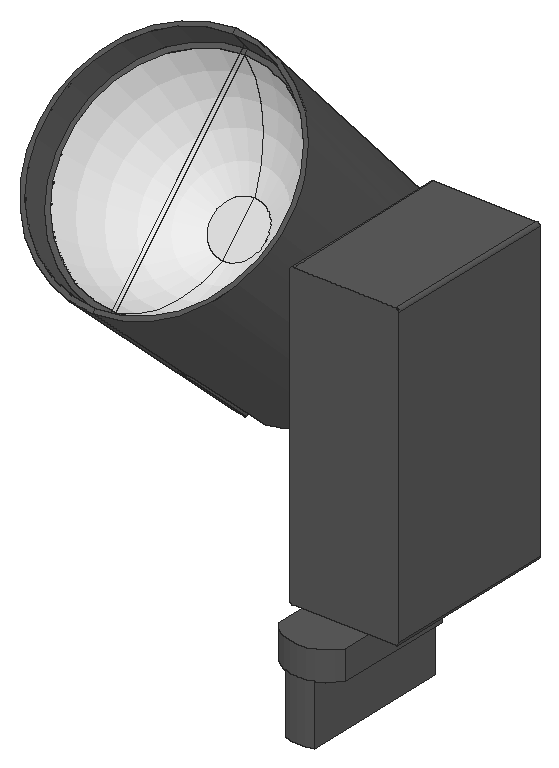
Revit family "0004844 Feilo Sylvania Lighting Fixture START TRACK SPOT L 55W 3K RA80 NB BLACK", category Lighting Fixtures, host Face, Revit 2017 (continued)
Definition of nested family "Start Track Spot Head"
  Types (96, lengths in mm): name | Wattage | built-in parameter 1150134 | Photometric Web File | Model | built-in parameter 1150105 | Lumens | built-in parameter 1150107 | built-in parameter 1150106 | HeadThickness_FEILO | HeadRibOffset_FEILO | HeadRibDepth_FEILO | HeadRibCutWidth_FEILO | HeadRibCutOffset_FEILO | HeadReflectorRadius_FEILO | HeadReflectorOffset_FEILO | HeadLEDRadius_FEILO | HeadHeight_FEILO | HeadDiffusorOffset_FEILO | HeadDiaOut_FEILO | HeadDiaIn_FEILO | HeadAxisFromTop_FEILO | Emit from Circle Diameter | built-in parameter 1150104 | Description | Apparent Load
    0004812 START TRACK SPOT S 14W 3K RA80 MB WHITE | 14 W | (empty or 0) | "0004812.ies" | "START TRACK SPOT S 14W 3K RA80 MB WHITE" | 120.32 (stored number, unit not read) | 1512 lm | 3000 (stored number, unit not read) | 1.2032 (stored number, unit not read) | 1.5 | 4.179 | 55.714 | 7.167 | 50.87 | 50.588 | 55.714 | 9.556 | 117 | 9.435 | 86 | 77.477 | 69.354 | 77.477 | 10.034 (stored number, unit not read) | "Integrated LED spotlight, Textured White - RAL9016, compact and minimalist design, ideal for retail applications, die-cast aluminium body, passive cooling heatsink. Beam angle: 36°, color temperature: 3000K , total system power: 14W, total fixture output: 1508 lm, LOR: 100%, colour rendering: Ra: 80 typical, LED Chromaticity: 3 step MacAdam ellipse, lifetime: >50000 hours at L70B50, energy class: A++, A+, A, IR/UV free light source without heat radiation, operating voltage: 220-240V / 50-60Hz, drive current: 350mA, electronic driver, non-dimmable, power factor: 0.92, electrical protection: Class II, Global Track 3 Phase adapter suitable for Global trac 3-circuit tracks, ingress protection rating: IP20, suitable for internal environment only, horizontal rotation: 355°, vertical tilt: 90°, dimensions: Ø86x140x200, weight: 0.940kg." | 14 VA
    0004811 START TRACK SPOT S 14W 3K RA80 NB WHITE | 14 W | (empty or 0) | "0004811.ies" | "START TRACK SPOT S 14W 3K RA80 NB WHITE" | 123.66 (stored number, unit not read) | 1554 lm | 3000 (stored number, unit not read) | 1.2366 (stored number, unit not read) | 1.5 | 4.179 | 55.714 | 7.167 | 50.87 | 50.588 | 55.714 | 9.556 | 117 | 9.435 | 86 | 77.477 | 69.354 | 77.477 | 10.312 (stored number, unit not read) | "Integrated LED spotlight, Textured White - RAL9016, compact and minimalist design, ideal for retail applications, die-cast aluminium body, passive cooling heatsink. Beam angle: 12°, color temperature: 3000K , total system power: 14W, total fixture output: 1551 lm, LOR: 100%, colour rendering: Ra: 80 typical, LED Chromaticity: 3 step MacAdam ellipse, lifetime: >50000 hours at L70B50, energy class: A++, A+, A, IR/UV free light source without heat radiation, operating voltage: 220-240V / 50-60Hz, drive current: 350mA, electronic driver, non-dimmable, power factor: 0.92, electrical protection: Class II, Global Track 3 Phase adapter suitable for Global trac 3-circuit tracks, ingress protection rating: IP20, suitable for internal environment only, horizontal rotation: 355°, vertical tilt: 90°, dimensions: Ø86x140x200, weight: 0.940kg." | 14 VA
  Reference planes
    plane 1 "Center (Front/Back)": y = 0
    plane 2: z = 0
    plane 3 "Center (Left/Right)": x = 0
    plane 4: x = 43
    plane 5: x = -43
    plane 6: x = -38.739
    plane 7: x = 38.739
    plane 8: z = 69.354
    plane 9: z = -47.646
    plane 10: x = -41.5
    plane 11: x = -37.239
    plane 12: z = -38.211
    plane 13: z = -35.211
    plane 14: z = 8.068
    plane 15: x = -9.556
    plane 16: x = -28.667
    plane 17: x = -19.111
    plane 18: x = -27.167
    plane 19: x = -17.611
    plane 20: x = -8.056
    plane 21: z = 13.64
    plane 22: x = -29.667
    plane 23: x = -26.167
    plane 24: x = -20.111
    plane 25: x = -16.611
    plane 26: x = -10.556
    plane 27: x = -7.056
    plane 28: x = -36.239
    plane 29: x = -40.5
    plane 30: z = 65.175
    plane 31: z = 60.997
    plane 32: z = 56.818
    plane 33: z = 18.484
    plane 34: y = -43
    plane 35: y = 43
    plane 36: y = 3.583
    plane 37: y = -3.583
    plane 38: y = -2.583
    plane 39: y = 2.583
    plane 40: y = 46
    plane 41: z = 13.5
    plane 42: z = -13.5
    plane 43: y = 39
    plane 44: x = 4.708
    plane 45: x = -2.458
    plane 46: x = -1.458
    plane 47: x = 1.458
  Forms (mm)
    Extrusion 1, solid
      sketch origin (4.2, 0, 0) x (1, 0, 0) y (0, 1, 0)
        loop
          line (-1219.2, 1219.2) -> (-1219.2, -1219.2) -> (1219.2, -1219.2) -> (1219.2, 1219.2) -> (-1219.2, 1219.2)
      from 0 to -68.017
    Revolve 2, solid, material <- "Material_1_FEILO", detail levels medium+fine
      sketch origin (0, 0, 0) x (1, 0, 0) y (0, 0, 1)
        loop
          line (-43, -47.646) -> (-41.5, -47.646) -> (-40.5, -35.211) -> (-38.739, -35.211)
          arc (-38.739, -35.211) -> (-30.16, -9.517) -> (-9.556, 8.068) r 50.588
          line (-9.556, 8.068) -> (0, 8.068) -> (0, 13.64) -> (-16.611, 13.64) -> (-17.611, 60.997) -> (-19.111, 60.997) -> (-20.111, 13.64) -> (-36.239, 13.64) -> (-37.239, 69.354) -> (-38.739, 69.354) -> (-43, -47.646)
        axis (0, 69.354) -> (0, -47.646)
      angle from 360 to 0
    Extrusion 3, void
      sketch origin (0, 0, 0) x (0, 1, 0) y (0, 0, 1)
        loop
          line (-3.583, 69.354) -> (-2.583, 18.484) -> (1.932, 18.484) -> (2.932, 69.354) -> (-3.583, 69.354)
      from 43 to -43
    Revolve 4, solid, material <- "Material_2_FEILO", detail levels medium+fine
      sketch origin (0, 0, 0) x (1, 0, 0) y (0, 0, 1)
        loop
          line (-41.5, -38.211) -> (0, -38.211) -> (0, -35.211) -> (-41.5, -35.211) -> (-41.5, -38.211)
        axis (0, -35.211) -> (0, -38.211)
      angle from 360 to 0
    Revolve 5, solid, material <- "Material_1_FEILO"
      sketch origin (0, 0, 0) x (0, 1, 0) y (0, 0, 1)
        loop
          line (46, 0) -> (39, 0) -> (39, -13.5) -> (46, -13.5) -> (46, 0)
        axis (39, 0) -> (46, 0)
      angle from 360 to 0
    Revolve 6, solid, material <- "Material_1_FEILO", detail levels medium+fine
      sketch origin (0, 0, 0) x (1, 0, 0) y (0, 0, 1)
        loop
          line (-29.667, 13.64) -> (-26.167, 13.64) -> (-27.167, 65.175) -> (-28.667, 65.175) -> (-29.667, 13.64)
        loop
          line (-10.556, 13.64) -> (-7.056, 13.64) -> (-7.833, 56.818) -> (-9.778, 56.818) -> (-10.556, 13.64)
        axis (0, 65.175) -> (0, 13.64)
      angle from 360 to 0
    Extrusion 7, void
      sketch origin (0, 0, 0) x (1, 0, 0) y (0, 0, 1)
        loop
          line (4.708, 69.354) -> (-2.458, 69.354) -> (-1.458, 13.64) -> (1.458, 13.64) -> (4.708, 69.354)
      from -43 to 43
    Revolve 8, solid, material <- "Material_1_FEILO", detail levels coarse
      sketch origin (0, 0, 0) x (1, 0, 0) y (0, 0, 1)
        loop
          line (0, 69.354) -> (-38.739, 69.354) -> (-43, -47.646) -> (-41.5, -47.646) -> (-40.731, -38.211) -> (0, -38.211) -> (0, 69.354)
        axis (0, 69.354) -> (0, -47.646)
      angle from 360 to 0
  Cuts and joins
    Extrusion 3 cuts Revolve 2
    Extrusion 7 cuts Revolve 6
  Dimensions and locks
    equal spacing: plane 7, plane 3 "Center (Left/Right)", plane 6
    equal spacing: plane 4, plane 3 "Center (Left/Right)", plane 5
    "HeadDiaOut_FEILO": plane 4 to plane 5
    "HeadDiaIn_FEILO": plane 7 to plane 6
    "HeadHeight_FEILO": plane 8 to plane 9
    "HeadThickness_FEILO": plane 10 to plane 5
    "HeadThickness_FEILO": plane 11 to plane 6
    "HeadDiffusorOffset_FEILO": plane 12 to plane 9
    "HeadDiffusorThickness_FEILO": plane 13 to plane 12
    "HeadReflectorOffset_FEILO": plane 14 to plane 9
    "HeadLEDRadius_FEILO": plane 3 "Center (Left/Right)" to plane 15
    "HeadLEDRadius_FEILO": plane 15 to plane 17
    "HeadLEDRadius_FEILO": plane 17 to plane 16
    "HeadThickness_FEILO": plane 18 to plane 16
    "HeadThickness_FEILO": plane 19 to plane 17
    "HeadThickness_FEILO": plane 20 to plane 15
    "HeadRibDepth_FEILO": plane 8 to plane 21
    "HeadDraft_FEILO": plane 16 to plane 22
    "HeadDraft_FEILO": plane 23 to plane 18
    "HeadDraft_FEILO": plane 17 to plane 24
    "HeadDraft_FEILO": plane 25 to plane 19
    "HeadDraft_FEILO": plane 15 to plane 26
    "HeadDraft_FEILO": plane 27 to plane 20
    "HeadDraft_FEILO": plane 29 to plane 10
    "HeadDraft_FEILO": plane 28 to plane 11
    "HeadRibOffset_FEILO": plane 8 to plane 30
    "HeadRibOffset_FEILO": plane 30 to plane 31
    "HeadRibOffset_FEILO": plane 31 to plane 32
    "HeadAxisFromTop_FEILO": plane 8 to plane 2
    "HeadRibCutOffset_FEILO": plane 8 to plane 33
    equal spacing: plane 34, plane 1 "Center (Front/Back)", plane 35
    "HeadDiaOut_FEILO": plane 34 to plane 35
    equal spacing: plane 38, plane 1 "Center (Front/Back)", plane 39
    equal spacing: plane 37, plane 1 "Center (Front/Back)", plane 36
    "HeadRibCutWidth_FEILO": plane 37 to plane 36
    "HeadDraft_FEILO": plane 37 to plane 38
    locked: plane 35 to plane 40 at 3
    equal spacing: plane 41, plane 2, plane 42
    locked: plane 42 to plane 41 at 27
    locked: plane 43 to plane 35 at 4
    equal spacing: plane 45, imposter light, plane 44
    "HeadDraft_FEILO": plane 46 to plane 45
    "HeadRibCutWidth_FEILO": plane 44 to plane 45
    equal spacing: plane 47, plane 3 "Center (Left/Right)", plane 46
    "HeadReflectorRadius_FEILO": radius of Revolve 2 sketch curve
    aligned and locked: plane 2 to Extrusion 1
    aligned and locked: level to Extrusion 1
    aligned and locked: Revolve 2 sketch curve to plane 3 "Center (Left/Right)"  (x2)
    aligned and locked: plane 9 to Revolve 2 sketch curve  (x2)
    aligned and locked: plane 5 to Revolve 2 sketch curve
    aligned and locked: plane 10 to Revolve 2 sketch curve
    aligned and locked: plane 14 to Revolve 2 sketch curve
    aligned and locked: plane 8 to Revolve 2 sketch curve
    aligned and locked: Revolve 2 sketch curve to plane 13
    aligned and locked: plane 12 to Revolve 4 sketch curve
    aligned and locked: plane 3 "Center (Left/Right)" to Revolve 4 sketch curve
    aligned and locked: Revolve 4 sketch curve to plane 10
    aligned and locked: Revolve 4 sketch curve to plane 3 "Center (Left/Right)"
    aligned and locked: plane 12 to imposter light
    aligned and locked: imposter light to plane 1 "Center (Front/Back)"
    aligned and locked: Revolve 5 sketch curve to plane 2
    aligned and locked: plane 43 to Revolve 5 sketch curve
    aligned and locked: plane 42 to Revolve 5 sketch curve
    aligned and locked: Revolve 6 sketch curve to plane 3 "Center (Left/Right)"
    aligned and locked: plane 22 to Revolve 6 sketch curve
    aligned and locked: plane 30 to Revolve 6 sketch curve
    aligned and locked: plane 23 to Revolve 6 sketch curve
    aligned and locked: Revolve 6 sketch curve to plane 21  (x2)
    aligned and locked: plane 21 to Revolve 6 sketch curve
    aligned and locked: plane 17 to Revolve 2 sketch curve
    aligned and locked: plane 19 to Revolve 2 sketch curve
    aligned and locked: plane 31 to Revolve 2 sketch curve
    aligned and locked: plane 21 to Revolve 2 sketch curve
    aligned and locked: Extrusion 3 to plane 8
    aligned and locked: plane 33 to Extrusion 3
    aligned and locked: plane 8 to Extrusion 3 sketch curve
    aligned and locked: Extrusion 3 sketch curve to plane 33
    aligned and locked: Extrusion 3 to plane 5
    aligned and locked: plane 4 to Extrusion 3
    aligned and locked: plane 32 to Revolve 6 sketch curve
    aligned and locked: plane 44 to Extrusion 7 sketch curve
    aligned and locked: Extrusion 7 sketch curve to plane 8
    aligned and locked: plane 46 to Extrusion 7 sketch curve
    aligned and locked: plane 21 to Extrusion 7 sketch curve
    aligned and locked: plane 34 to Extrusion 7
    aligned and locked: Extrusion 7 to plane 35
    aligned and locked: Revolve 4 sketch curve to plane 13
    aligned and locked: Revolve 5 sketch curve to plane 40
    aligned and locked: Revolve 8 sketch curve to plane 3 "Center (Left/Right)"
    aligned and locked: Revolve 8 sketch curve to cut or joined group of Revolve 2, Extrusion 3  (x3)
    aligned and locked: plane 5 to Revolve 8 sketch curve
    aligned and locked: plane 3 "Center (Left/Right)" to Revolve 8 sketch curve
    aligned and locked: plane 12 to Revolve 8 sketch curve
  Automatic sketch dimensions
    Extrusion 1 sketch curve to Extrusion 1 sketch curve = 2438.4 mm  (x2)
    Extrusion 3 sketch curve to plane 37 = 0 mm
    Extrusion 3 sketch curve to plane 38 = 0 mm
    plane 39 to Extrusion 3 sketch curve = 0.651 mm
    Extrusion 3 sketch curve to plane 39 = 0.349 mm
    Revolve 6 sketch curve to plane 16 = 0 mm
    Revolve 6 sketch curve to plane 18 = 0 mm
    Revolve 6 sketch curve to plane 26 = 0 mm
    Revolve 6 sketch curve to plane 27 = 0 mm
    Revolve 6 sketch curve to plane 15 = 0.222 mm
    plane 9 to Revolve 6 sketch curve = 559.103 mm
    Revolve 6 sketch curve to plane 8 = 2535.555 mm
    plane 20 to Revolve 6 sketch curve = 0.222 mm
    Revolve 2 sketch curve to plane 29 = 0 mm
    Revolve 2 sketch curve to plane 6 = 0 mm  (x2)
    Revolve 2 sketch curve to plane 11 = 0 mm
    Revolve 2 sketch curve to plane 21 = 0 mm
    Revolve 2 sketch curve to plane 28 = 0 mm
    Revolve 2 sketch curve to plane 24 = 0 mm
    Revolve 2 sketch curve to plane 25 = 0 mm
    Revolve 2 sketch curve to plane 15 = 0 mm
    Revolve 2 sketch curve to Revolve 2 sketch curve = 557.155 mm
    Revolve 2 sketch curve to plane 8 = 2535.558 mm
    Extrusion 7 sketch curve to plane 45 = 0 mm
    Extrusion 7 sketch curve to plane 47 = 0 mm
    plane 9 to Revolve 4 sketch curve = 559.103 mm
    Revolve 4 sketch curve to plane 8 = 2535.555 mm
    Revolve 5 sketch curve to level = 0 mm
    plane 34 to Revolve 5 sketch curve = 1968.092 mm
    Revolve 5 sketch curve to plane 40 = 1405.763 mm
    Revolve 8 sketch curve to plane 6 = 0 mm
    Revolve 8 sketch curve to plane 29 = 0.231 mm
    plane 9 to Revolve 8 sketch curve = 559.103 mm
    Revolve 8 sketch curve to Revolve 8 sketch curve = 2535.555 mm
Definition of nested family "Start Track Spot Box"
  Parameters (values of type "Type Large White")
    URL = "http://www.feilosylvania.com"
    Type Image = (empty or 0)
    Type Comments = "n/a"
    Small_FEILO = no
    Material_3_FEILO = none
    Model = ""
    Manufacturer = "Feilo Sylvania"
    Keynote = ""
    Material_2_FEILO = none
    Description = ""
    Default Elevation = 1219.2 mm
    Cost = 0
    Material_1_FEILO = none
    BoxWidth_FEILO = 49 mm
    BoxStartAngle_FEILO [instance] = 0.00°
    BoxRadius_FEILO = 1.5 mm
    BoxHeight_FEILO = if(Small_FEILO, 112 mm, 136 mm)  # 136 mm
    BoxEndAngle_FEILO [instance] = BoxStartAngle_FEILO - 180.00°  # -180.00°
    BoxDepth_FEILO = if(Small_FEILO, 71.5 mm, 79 mm)  # 79 mm
    BoxAxisVerticalOffset_FEILO = 16 mm
    BoxAxisOffset_FEILO = BoxHeight_FEILO / 6.8  # 20 mm
    Assembly Code = ""
    Material_4_FEILO = none
  Types (4, lengths in mm): name | Small_FEILO | BoxHeight_FEILO | BoxDepth_FEILO | BoxAxisOffset_FEILO
    Type Large White | no | 136 | 79 | 20
    Type Small White | yes | 112 | 71.5 | 16.471
    Type Small Black | yes | 112 | 71.5 | 16.471
    Type Large Black | no | 136 | 79 | 20
  Reference planes
    plane 1 "Center (Front/Back)": y = 0
    plane 2: z = 0
    plane 3 "Center (Left/Right)": x = 0
    plane 4: x = 24.5
    plane 5: x = -24.5
    plane 6: y = 68
    plane 7: y = -68
    plane 8: z = 39.5
    plane 9: z = -39.5
    plane 10: y = -48
    plane 11: x = 30.5
    plane 12: x = 8.5
    plane 13: x = 21.5
    plane 14: y = 70
    plane 15: y = 72
    plane 16: x = 19.5
  Forms (mm)
    Extrusion 1, solid
      sketch origin (4.2, 0, 0) x (1, 0, 0) y (0, 1, 0)
        loop
          line (-1219.2, 1219.2) -> (-1219.2, -1219.2) -> (1219.2, -1219.2) -> (1219.2, 1219.2) -> (-1219.2, 1219.2)
      from 0 to -68.017
    Extrusion 2, solid, material <- "Material_1_FEILO"
      sketch origin (0, 0, 0) x (1, 0, 0) y (0, 1, 0)
        loop
          arc (-23, 68) -> (-24.061, 67.561) -> (-24.5, 66.5) r 1.5
          line (-24.5, 66.5) -> (-24.5, -66.5)
          arc (-24.5, -66.5) -> (-24.061, -67.561) -> (-23, -68) r 1.5
          line (-23, -68) -> (23, -68)
          arc (23, -68) -> (24.061, -67.561) -> (24.5, -66.5) r 1.5
          line (24.5, -66.5) -> (24.5, 66.5)
          arc (24.5, 66.5) -> (24.061, 67.561) -> (23, 68) r 1.5
          line (23, 68) -> (-23, 68)
      from -39.5 to 39.5
    Revolve 3, solid, not visible
      sketch origin (0, 0, 0) x (1, 0, 0) y (0, 1, 0)
        loop
          line (30.5, -48) -> (24.5, -48) -> (24.5, -68) -> (30.5, -68) -> (30.5, -48)
        axis (30.5, -48) -> (24.5, -48)
      angle from 0 <- "BoxStartAngle_FEILO" to -180 <- "BoxEndAngle_FEILO"
    Revolve 4, solid, material <- "Material_2_FEILO"
      sketch origin (0, 0, 0) x (1, 0, 0) y (0, 1, 0)
        loop
          line (8.5, 68) -> (19.5, 68) -> (19.5, 70) -> (21.5, 70) -> (21.5, 72) -> (8.5, 72) -> (8.5, 68)
        axis (8.5, 72) -> (8.5, 68)
      angle from 360 to 0
  Dimensions and locks
    equal spacing: plane 5, plane 3 "Center (Left/Right)", plane 4
    "BoxWidth_FEILO": plane 5 to plane 4
    equal spacing: plane 7, plane 1 "Center (Front/Back)", plane 6
    "BoxHeight_FEILO": plane 7 to plane 6
    equal spacing: plane 8, plane 2, plane 9
    "BoxDepth_FEILO": plane 8 to plane 9
    "BoxAxisOffset_FEILO": plane 7 to plane 10
    locked: plane 4 to plane 11 at 6
    "BoxAxisVerticalOffset_FEILO": plane 12 to plane 4
    locked: plane 12 to plane 13 at 13
    plane 6 to plane 14 to plane 15 = 2 mm locked, 2 mm locked
    locked: plane 12 to plane 16 at 11
    "BoxRadius_FEILO": radius of Extrusion 2 sketch curve  (x4)
    aligned and locked: plane 2 to Extrusion 1
    aligned and locked: level to Extrusion 1
    aligned and locked: plane 6 to Extrusion 2 sketch curve
    aligned and locked: plane 5 to Extrusion 2 sketch curve
    aligned and locked: Extrusion 2 sketch curve to plane 7
    aligned and locked: Extrusion 2 sketch curve to plane 4
    aligned and locked: Extrusion 2 to plane 8
    aligned and locked: plane 9 to Extrusion 2
    aligned and locked: Revolve 3 sketch curve to plane 10  (x2)
    aligned and locked: plane 11 to Revolve 3 sketch curve
    aligned and locked: Revolve 3 sketch curve to plane 4
    aligned and locked: plane 7 to Revolve 3 sketch curve
    aligned and locked: Revolve 4 sketch curve to plane 12
    aligned and locked: plane 6 to Revolve 4 sketch curve
    aligned and locked: plane 12 to Revolve 4 sketch curve
    aligned and locked: plane 15 to Revolve 4 sketch curve
    aligned and locked: Revolve 4 sketch curve to plane 13
    aligned and locked: Revolve 4 sketch curve to plane 14
    aligned and locked: Revolve 4 sketch curve to plane 16
    aligned and locked: Revolve 4 sketch curve to plane 6
  Automatic sketch dimensions
    Extrusion 1 sketch curve to Extrusion 1 sketch curve = 2438.4 mm  (x2)
    Revolve 3 sketch curve to plane 5 = 1499.5 mm
    plane 11 to Revolve 3 sketch curve = 1493.5 mm
    plane 15 to Revolve 4 sketch curve = 0 mm
    plane 7 to Revolve 4 sketch curve = 1456 mm
    Revolve 4 sketch curve to plane 15 = 1452 mm
